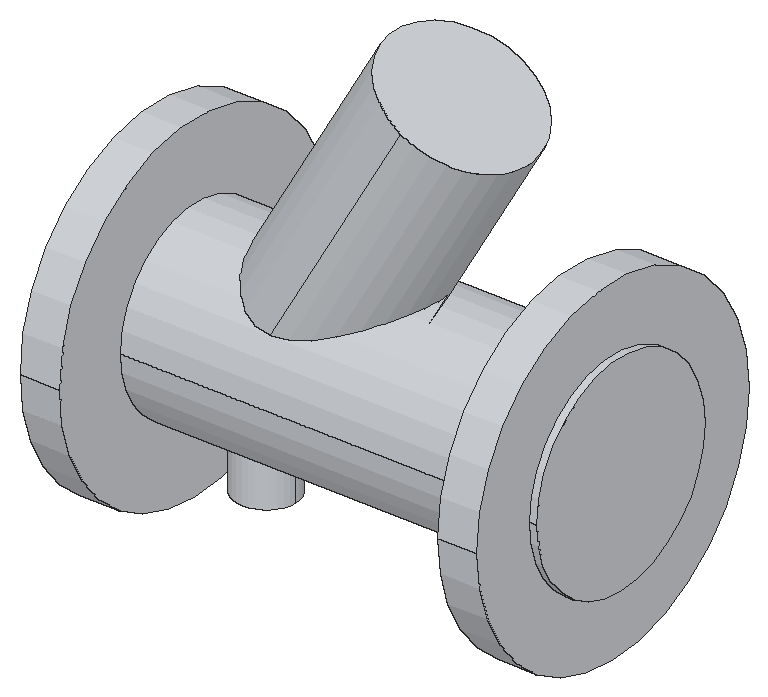
Revit family "HS 821-síto_jemné-PN40-DN050-RFA_2019", category Pipe Accessories, Revit 2019
Family settings
  Round Connector Dimension = Use Diameter
  Part Type = Breaks Into
  Work Plane-Based = No
  Always vertical = Yes
  Cut with Voids When Loaded = No
  Shared = No
Parameters (values of type "821F-DN050-PN40-síto_jemné")
  magiProductId = "c451f97266fe48da8f879cb6a2bd44"
  magiProductFamilyId = "79214ac3aaa945e397802f559f5c1e"
  magiPartTypeId = 307
  isMeasuringValve [instance] = no
  ang2D [instance] = 0.00°
  ZB__ve = -ZB  # -26.75 mm
  ZB1 = 41.31 mm
  ZB = 26.75 mm
  X2 = 79.061 mm
  X1 = 32.2 mm
  W2D = 15 mm
  VersionID = "2.0/2017.9.26.1/ZETKAMA_821_001"
  Use Minimum Symbol Size [instance] = yes
  URL = "www.hydronic.cz"
  Type Comments = "Filtr přírubový; síto jemné; A-PN16 (-10~300°C); D-PN25 (-10~350°C); F-PN40 (-10~400°C)"
  S = 102 mm
  QmdConnectorList = "301;D;302;D"
  Productdata [instance] = ""
  Manufacturer = "Hydronic Systems Prague s.r.o."
  MC Product Code = "250 650 (821F; DN050; PN40; kvs53,7; oko síta 0,63mm)"
  LM1 = 18.4 mm
  LM = 184 mm
  L4 = 57.5 mm
  L2D_Min = 3048 mm
  L2D = 130 mm
  L2 = 115 mm
  HH2 = 136.938 mm
  FD = 165 mm
  Description = "Filtr přírubový; síto jemné; 821A-PN16; 821D-PN25; 821F-PN40"
  DM1 = 73.8 mm
  DM = 91.8 mm
  D = 50 mm
  CC = 3.91 mm
  CAT0 = yes
  C1 = 19.09 mm
  C = 23 mm
  BD = 28.917 mm
Types (40, lengths in mm): name | magiProductId | ZB__ve | ZB1 | ZB | X2 | X1 | S | MC Product Code | LM1 | LM | L4 | L2 | HH2 | FD | DM1 | DM | D | CC | C1 | C | BD
  821A-DN015-PN16-síto_jemné | "a71bcfe8b393460598b23e8ddf7dc5" | -16.25 | 18.63 | 16.25 | 46.982 | 18.2 | 46 | "210 115 (821A; DN015; PN16; kvs6,2; oko síta 0,63mm)" | 10.4 | 104 | 32.5 | 65 | 81.375 | 95 | 27.6 | 41.4 | 15 | 2.21 | 10.79 | 13 | 13.041
  821A-DN020-PN16-síto_jemné | "41cd6c7a12924f4991217528336076" | -17.75 | 22.68 | 17.75 | 51.673 | 21 | 56 | "210 120 (821A; DN020; PN16; kvs9,6; oko síta 0,63mm)" | 12 | 120 | 37.5 | 75 | 89.5 | 105 | 33.6 | 50.4 | 20 | 2.55 | 12.45 | 15 | 15.876
  821A-DN025-PN16-síto_jemné | "be378b463ed14c3abf4c9b3ae8cf3a" | -19.25 | 26.325 | 19.25 | 58.601 | 22.4 | 65 | "210 125 (821A; DN025; PN16; kvs14,2; oko síta 0,63mm)" | 12.8 | 128 | 40 | 80 | 101.5 | 115 | 43.2 | 58.5 | 25 | 2.72 | 13.28 | 16 | 18.427
  821A-DN032-PN16-síto_jemné | "227a0d18b21540afabe8b6067d35fa" | -23 | 30.78 | 23 | 68.849 | 25.2 | 76 | "210 132 (821A; DN032; PN16; kvs23,1; oko síta 0,63mm)" | 14.4 | 144 | 45 | 90 | 119.25 | 140 | 50.4 | 68.4 | 32 | 3.06 | 14.94 | 18 | 21.546
  821A-DN040-PN16-síto_jemné | "d106917c74724141a10440112d0102" | -24.5 | 34.02 | 24.5 | 75.777 | 28 | 84 | "210 140 (821A; DN040; PN16; kvs36,6; oko síta 0,63mm)" | 16 | 160 | 50 | 100 | 131.25 | 150 | 60 | 75.6 | 40 | 3.4 | 16.6 | 20 | 23.814
  821A-DN050-PN16-síto_jemné | "8255d456a09e4f6486734f5dd9171b" | -26.75 | 40.095 | 26.75 | 79.061 | 32.2 | 99 | "210 150 (821A; DN050 PN16; kvs53,7; oko síta 0,63mm)" | 18.4 | 184 | 57.5 | 115 | 136.938 | 165 | 73.8 | 89.1 | 50 | 3.91 | 19.09 | 23 | 28.066
  821A-DN065-PN16-síto_jemné | "235b1b3e4c0843779a4d5e3716d40a" | -29.75 | 47.79 | 29.75 | 86.927 | 40.6 | 118 | "210 165 (821A; DN065; PN16; kvs95,1; oko síta 0,63mm)" | 23.2 | 232 | 72.5 | 145 | 150.562 | 185 | 94.2 | 106.2 | 65 | 4.93 | 24.07 | 29 | 33.453
  821A-DN080-PN16-síto_jemné | "a067f7c5236348ed8c820d16df7214" | -32 | 53.46 | 32 | 104.753 | 43.4 | 132 | "210 180 (821A; DN080; PN16; kvs137,1; oko síta 0,63mm)" | 24.8 | 248 | 77.5 | 155 | 181.438 | 200 | 107.4 | 118.8 | 80 | 5.27 | 25.73 | 31 | 37.422
  821A-DN100-PN16-síto_jemné | "c49a648c2747461285837d643703cd" | -35 | 63.18 | 35 | 114.857 | 49 | 156 | "210 190 (821A; DN100; PN16; kvs206,4; oko síta 0,63mm)" | 28 | 280 | 87.5 | 175 | 198.937 | 220 | 131.4 | 140.4 | 100 | 5.95 | 29.05 | 35 | 44.226
  821A-DN125-PN16-síto_jemné | "bf68e728a163493cbd2a663b26ebdc" | -39.5 | 74.52 | 39.5 | 131.888 | 56 | 184 | "210 191 (821A; DN125; PN16; kvs268,8; oko síta 0,63mm)" | 32 | 320 | 100 | 200 | 228.438 | 250 | 165 | 165.6 | 125 | 6.8 | 33.2 | 40 | 52.164
  821A-DN150-PN16-síto_jemné | "2de770284b654863ae6bc865769dc5" | -44.75 | 85.455 | 44.75 | 155.885 | 67.2 | 211 | "210 192 (821A; DN150; PN16; kvs401,4; oko síta 0,63mm)" | 38.4 | 384 | 120 | 240 | 270 | 285 | 192 | 189.9 | 150 | 8.16 | 39.84 | 48 | 59.818
  821A-DN200-PN16-síto_jemné | "8e5693371ab64aabb29a7f08c76e15" | -53 | 107.73 | 53 | 188.361 | 84 | 266 | "210 193 (821A; DN200; PN16; kvs706,7; oko síta 0,63mm)" | 48 | 480 | 150 | 300 | 326.25 | 340 | 252 | 239.4 | 200 | 10.2 | 49.8 | 60 | 75.411
  821A-DN250-PN16-síto_jemné | "05e37ed948c34047acdd4c42556504" | -62.75 | 129.195 | 62.75 | 255.911 | 102.2 | 319 | "210 194 (821A; DN250; PN16; kvs1229,4; oko síta 0,63mm)" | 58.4 | 584 | 182.5 | 365 | 443.25 | 405 | 309.6 | 287.1 | 250 | 12.41 | 60.59 | 73 | 90.436
  821A-DN300-PN16-síto_jemné | "9ad0af747269428da925480d83ce80" | -71 | 149.85 | 71 | 325.914 | 119 | 370 | "210 195 (821A; DN300; PN16; kvs1902,4; oko síta 0,63mm)" | 68 | 680 | 212.5 | 425 | 564.5 | 460 | 369.6 | 333 | 300 | 14.45 | 70.55 | 85 | 104.895
  821A-DN350-PN16-síto_jemné | "eebc71459bb3451bb4355e7951370a" | -80 | 173.745 | 80 | 356.875 | 137.2 | 429 | "200 196 (821A; DN350; PN16; kvs2611,0; oko síta 0,63mm)" | 78.4 | 784 | 245 | 490 | 618.125 | 520 | 438 | 386.1 | 350 | 16.66 | 81.34 | 98 | 121.621
  821A-DN400-PN16-síto_jemné | "d2f677cb196647e385b2590e7d8abe" | -89 | 194.4 | 89 | 392.237 | 154 | 480 | "210 197 (821A; DN400; PN16; kvs3438,4; oko síta 0,63mm)" | 88 | 880 | 275 | 550 | 679.375 | 580 | 498 | 432 | 400 | 18.7 | 91.3 | 110 | 136.08
  821D-DN015-PN25-síto_jemné | "27ddcbf555414f8ca1fde329bf9087" | -16.25 | 18.63 | 16.25 | 46.982 | 18.2 | 46 | "210 215 (821D; DN015; PN25; kvs6,2; oko síta 0,63mm)" | 10.4 | 104 | 32.5 | 65 | 81.375 | 95 | 27.6 | 41.4 | 15 | 2.21 | 10.79 | 13 | 13.041
  821D-DN020-PN25-síto_jemné | "270e0f14012f47189cd0235c18faee" | -17.75 | 22.68 | 17.75 | 51.673 | 21 | 56 | "210 220 (821D; DN020; PN25; kvs9,6; oko síta 0,63mm)" | 12 | 120 | 37.5 | 75 | 89.5 | 105 | 33.6 | 50.4 | 20 | 2.55 | 12.45 | 15 | 15.876
  821D-DN025-PN25-síto_jemné | "b9a7fb4aa36643878c637d8e1ab992" | -19.25 | 26.325 | 19.25 | 58.601 | 22.4 | 65 | "210 225 (821D; DN025; PN25; kvs14,2; oko síta 0,63mm)" | 12.8 | 128 | 40 | 80 | 101.5 | 115 | 43.2 | 58.5 | 25 | 2.72 | 13.28 | 16 | 18.427
  821D-DN032-PN25-síto_jemné | "6be9a55c4e68400f94eec7e804204c" | -23 | 30.78 | 23 | 68.849 | 25.2 | 76 | "210 232 (821D; DN032; PN25; kvs23,1; oko síta 0,63mm)" | 14.4 | 144 | 45 | 90 | 119.25 | 140 | 50.4 | 68.4 | 32 | 3.06 | 14.94 | 18 | 21.546
  821D-DN040-PN25-síto_jemné | "c54511bd7f584ec2984291479612cb" | -24.5 | 34.02 | 24.5 | 75.777 | 28 | 84 | "210 240 (821D; DN040; PN25; kvs36,6; oko síta 0,63mm)" | 16 | 160 | 50 | 100 | 131.25 | 150 | 60 | 75.6 | 40 | 3.4 | 16.6 | 20 | 23.814
  821D-DN050-PN25-síto_jemné | "5483b1f596b04cd39b23a14a22c90e" | -26.75 | 40.095 | 26.75 | 79.061 | 32.2 | 99 | "210 250 (821D; DN050; PN25; kvs53,7; oko síta 0,63mm)" | 18.4 | 184 | 57.5 | 115 | 136.938 | 165 | 73.8 | 89.1 | 50 | 3.91 | 19.09 | 23 | 28.066
  821D-DN065-PN25-síto_jemné | "767b0f8318e94750bc7a9930ed5b30" | -29.75 | 47.79 | 29.75 | 86.927 | 40.6 | 118 | "210 265 (821D; DN065; PN25; kvs95,1; oko síta 0,63mm)" | 23.2 | 232 | 72.5 | 145 | 150.562 | 185 | 94.2 | 106.2 | 65 | 4.93 | 24.07 | 29 | 33.453
  821D-DN080-PN25-síto_jemné | "e21040fa3cc2404b858198f6b73709" | -32 | 53.46 | 32 | 104.753 | 43.4 | 132 | "210 280 (821D; DN080; PN25; kvs137,1; oko síta 0,63mm)" | 24.8 | 248 | 77.5 | 155 | 181.438 | 200 | 107.4 | 118.8 | 80 | 5.27 | 25.73 | 31 | 37.422
  821D-DN100-PN25-síto_jemné | "175ca87a506b40b3bc6b82f12f33cf" | -37.25 | 63.18 | 37.25 | 114.857 | 49 | 156 | "210 290 (821D; DN100; PN25; kvs206,4; oko síta 0,63mm)" | 28 | 280 | 87.5 | 175 | 198.937 | 235 | 131.4 | 140.4 | 100 | 5.95 | 29.05 | 35 | 44.226
  821D-DN125-PN25-síto_jemné | "77cc98d60da24855999a22dff726b2" | -42.5 | 74.52 | 42.5 | 131.888 | 56 | 184 | "210 291 (821D; DN125; PN25; kvs268,8; oko síta 0,63mm)" | 32 | 320 | 100 | 200 | 228.438 | 270 | 165 | 165.6 | 125 | 6.8 | 33.2 | 40 | 52.164
  821D-DN150-PN25-síto_jemné | "9cf8acfcd15547d68e83172d3abcbe" | -47 | 85.455 | 47 | 155.885 | 67.2 | 211 | "210 292 (821D; DN150; PN25; kvs401,4; oko síta 0,63mm)" | 38.4 | 384 | 120 | 240 | 270 | 300 | 192 | 189.9 | 150 | 8.16 | 39.84 | 48 | 59.818
  821D-DN200-PN25-síto_jemné | "16973f3c9ea14389ba8602495a6b64" | -56 | 110.97 | 56 | 188.361 | 84 | 274 | "210 293 (821D; DN200; PN25; kvs706,7; oko síta 0,63mm)" | 48 | 480 | 150 | 300 | 326.25 | 360 | 252 | 246.6 | 200 | 10.2 | 49.8 | 60 | 77.679
  821F-DN015-PN40-síto_jemné | "4c7eaf3c4c0340888b3e684d8a8616" | -16.25 | 18.225 | 16.25 | 46.982 | 18.2 | 45 | "250 615 (821F; DN015; PN40; kvs6,2; oko síta 0,63mm)" | 10.4 | 104 | 32.5 | 65 | 81.375 | 95 | 27.6 | 40.5 | 15 | 2.21 | 10.79 | 13 | 12.757
  821F-DN020-PN40-síto_jemné | "aaac5f1ec96b44d6ba96ac2293d66d" | -17.75 | 23.49 | 17.75 | 51.673 | 21 | 58 | "250 620 (821F; DN020; PN40; kvs9,6; oko síta 0,63mm)" | 12 | 120 | 37.5 | 75 | 89.5 | 105 | 33.6 | 52.2 | 20 | 2.55 | 12.45 | 15 | 16.443
  821F-DN025-PN40-síto_jemné | "504768023968471481789485b54c7e" | -19.25 | 27.54 | 19.25 | 58.601 | 22.4 | 68 | "250 625 (821F; DN025; PN40; kvs14,2; oko síta 0,63mm)" | 12.8 | 128 | 40 | 80 | 101.5 | 115 | 43.2 | 61.2 | 25 | 2.72 | 13.28 | 16 | 19.278
  821F-DN032-PN40-síto_jemné | "165e7f39cf744f329bdf1c400dad12" | -23 | 31.59 | 23 | 68.849 | 25.2 | 78 | "250 632 (821F; DN032; PN40; kvs23,1; oko síta 0,63mm)" | 14.4 | 144 | 45 | 90 | 119.25 | 140 | 50.4 | 70.2 | 32 | 3.06 | 14.94 | 18 | 22.113
  821F-DN040-PN40-síto_jemné | "b8903f952089408fbf3a5a632bab1f" | -24.5 | 35.64 | 24.5 | 75.777 | 28 | 88 | "250 640 (821F; DN040; PN40; kvs36,6; oko síta 0,63mm)" | 16 | 160 | 50 | 100 | 131.25 | 150 | 60 | 79.2 | 40 | 3.4 | 16.6 | 20 | 24.948
  821F-DN050-PN40-síto_jemné | "c451f97266fe48da8f879cb6a2bd44" | -26.75 | 41.31 | 26.75 | 79.061 | 32.2 | 102 | "250 650 (821F; DN050; PN40; kvs53,7; oko síta 0,63mm)" | 18.4 | 184 | 57.5 | 115 | 136.938 | 165 | 73.8 | 91.8 | 50 | 3.91 | 19.09 | 23 | 28.917
  821F-DN065-PN40-síto_jemné | "dc9821e3f9b34e128f6a8c6b34c198" | -29.75 | 49.41 | 29.75 | 86.927 | 40.6 | 122 | "250 665 (821F; DN065; PN40; kvs95,1; oko síta 0,63mm)" | 23.2 | 232 | 72.5 | 145 | 150.562 | 185 | 94.2 | 109.8 | 65 | 4.93 | 24.07 | 29 | 34.587
  821F-DN080-PN40-síto_jemné | "689aa1e260f84cf4994f027a1d86b5" | -32 | 55.89 | 32 | 104.753 | 43.4 | 138 | "250 680 (821F; DN080; PN40; kvs137,1; oko síta 0,63mm)" | 24.8 | 248 | 77.5 | 155 | 181.438 | 200 | 107.4 | 124.2 | 80 | 5.27 | 25.73 | 31 | 39.123
  821F-DN100-PN40-síto_jemné | "8a45d4e8e2ab425f8c432f21d684f3" | -37.25 | 65.61 | 37.25 | 114.857 | 49 | 162 | "250 690 (821F; DN100; PN40; kvs206,4; oko síta 0,63mm)" | 28 | 280 | 87.5 | 175 | 198.937 | 235 | 131.4 | 145.8 | 100 | 5.95 | 29.05 | 35 | 45.927
  821F-DN125-PN40-síto_jemné | "cf073904c006406b8645afa67ea2fc" | -42.5 | 76.14 | 42.5 | 131.888 | 56 | 188 | "250 691 (821F; DN125; PN40; kvs268,8; oko síta 0,63mm)" | 32 | 320 | 100 | 200 | 228.438 | 270 | 165 | 169.2 | 125 | 6.8 | 33.2 | 40 | 53.298
  821F-DN150-PN40-síto_jemné | "0153b9ddabe14992a630484929fdbc" | -47 | 88.29 | 47 | 155.885 | 67.2 | 218 | "250 692 (821F; DN150; PN40; kvs401,4; oko síta 0,63mm)" | 38.4 | 384 | 120 | 240 | 270 | 300 | 192 | 196.2 | 150 | 8.16 | 39.84 | 48 | 61.803
  821F-DN200-PN40-síto_jemné | "7fb3fc01dd8d42428c203e3f8dd4d5" | -56 | 115.425 | 56 | 188.361 | 84 | 285 | "250 693 (821F; DN200; PN40; kvs706,7; oko síta 0,63mm)" | 48 | 480 | 150 | 300 | 326.25 | 360 | 252 | 256.5 | 200 | 10.2 | 49.8 | 60 | 80.797
Reference planes
  plane 1 "Center (Front/Back)": y = 0
  plane 2 "XYPLANE": z = 0
  plane 3 "Center (Left/Right)": x = 0
  plane 4 "109": x = -73.6
  plane 5 "108": x = 92
  plane 6 "107": x = -92
  plane 7 "105": x = 115
  plane 8 "104": x = -115
  plane 9 "103": y = 0
  plane 10 "102": z = 0
  plane 11 "101": x = -111.09
  plane 12 "100": x = 111.09
  plane 13 "11": x = -41.4
  plane 14 "10": z = 136.938
  plane 15 "9": x = 37.661
  plane 16 "5": z = -41.31
  plane 17 "4": x = -57.5
  plane 18 "1": x = 57.5
Forms (mm)
  Extrusion 1, solid, visible <- "CAT0"
    sketch origin (-92, -750, 0) x (0, 1, 0) y (0, 0, 1)
      loop
        circle (750, 0) r 45.9
    from 0 to 184 <- "LM"
  Extrusion 2, solid
    sketch origin (-115, -750, 0) x (0, 1, 0) y (0, 0, 1)
      loop
        circle (750, 0) r 51
    from 0 to 3.91 <- "CC"
  Extrusion 3, solid
    sketch origin (-111.09, -750, 0) x (0, 1, 0) y (0, 0, 1)
      loop
        circle (750, 0) r 82.5
    from 0 to 19.09 <- "C1"
  Extrusion 4, solid
    sketch origin (92, -750, 0) x (0, 1, 0) y (0, 0, 1)
      loop
        circle (750, 0) r 82.5
    from 0 to 19.09 <- "C1"
  Extrusion 5, solid
    sketch origin (111.09, -750, 0) x (0, 1, 0) y (0, 0, 1)
      loop
        circle (750, 0) r 51
    from 0 to 3.91 <- "CC"
  Sweep 6, solid, visible <- "CAT0"
    path origin (750, 0, 0) x (-1, 0, 0) y (0, 0, 1)
      loop
        line (842, 0) -> (791.4, 0) -> (712.339, 136.938)
    profile origin (-92, 0, 0) x (0, 0, -1) y (0, 1, 0)
      loop
        circle (0, 0) r 36.9
  Extrusion 7, solid, visible <- "CAT0"
    sketch origin (-750, 0, -41.31) x (1, 0, 0) y (0, 1, 0)
      loop
        circle (692.5, 0) r 14.458
    from 0 to -26.75 <- "ZB__ve"
  Extrusion 8, solid, visible <- "CAT0"
    sketch origin (-750, 0, -41.31) x (1, 0, 0) y (0, 1, 0)
      loop
        circle (807.5, 0) r 14.458
    from 0 to -26.75 <- "ZB__ve"
  Extrusion 9, solid, not visible
    sketch origin (115, -750, 0) x (0, 1, 0) y (0, 0, 1)
      loop
        circle (750, 0) r 10
    from 0 to -10
  Extrusion 10, solid, not visible
    sketch origin (-115, -750, 0) x (0, 1, 0) y (0, 0, 1)
      loop
        circle (750, 0) r 10
    from 0 to 10
Lines and regions (mm)
  reference lines, not visible
    curve 1: circle (2, 2, 0) r 1 normal (0, 0, 1)
Dimensions and locks
  plane 1 "Center (Front/Back)" to curve 1 = 2 mm
  "LM1": plane 6 "107" to plane 4 "109"
  "LM": plane 6 "107" to plane 5 "108"
  "C": plane 8 "104" to plane 6 "107"
  "L2": plane 3 "Center (Left/Right)" to plane 7 "105"
  "L2": plane 3 "Center (Left/Right)" to plane 8 "104"
  locked: plane 1 "Center (Front/Back)" to plane 9 "103"
  locked: plane 2 "XYPLANE" to plane 10 "102"
  "CC": plane 8 "104" to plane 11 "101"
  "C1": plane 5 "108" to plane 12 "100"
  "X1": plane 4 "109" to plane 13 "11"
  "HH2": plane 2 "XYPLANE" to plane 14 "10"
  "X2": plane 13 "11" to plane 15 "9"
  "ZB1": plane 2 "XYPLANE" to plane 16 "5"
  "L4": plane 8 "104" to plane 17 "4"
  "L2": plane 17 "4" to plane 18 "1"
  Sweep 6 sketch curve to Sweep 6 sketch curve = 0 mm  (x2)
  "DM": diameter of Extrusion 1 sketch curve
  "S": diameter of Extrusion 2 sketch curve
  "FD": diameter of Extrusion 3 sketch curve
  "FD": diameter of Extrusion 4 sketch curve
  "S": diameter of Extrusion 5 sketch curve
  "DM1": diameter of Sweep 6 sketch curve
  "BD": diameter of Extrusion 7 sketch curve
  "BD": diameter of Extrusion 8 sketch curve
  aligned and locked: level to plane 2 "XYPLANE"
  aligned and locked: Extrusion 1 sketch curve to plane 9 "103"
  aligned and locked: plane 10 "102" to Extrusion 1 sketch curve
  aligned and locked: Extrusion 2 sketch curve to plane 9 "103"
  aligned and locked: plane 10 "102" to Extrusion 2 sketch curve
  aligned and locked: Extrusion 3 sketch curve to plane 9 "103"
  aligned and locked: plane 10 "102" to Extrusion 3 sketch curve
  aligned and locked: Extrusion 4 sketch curve to plane 9 "103"
  aligned and locked: plane 10 "102" to Extrusion 4 sketch curve
  aligned and locked: Extrusion 5 sketch curve to plane 9 "103"
  aligned and locked: plane 10 "102" to Extrusion 5 sketch curve
  aligned and locked: Sweep 6 sketch curve to plane 9 "103"
  aligned and locked: plane 10 "102" to Sweep 6 sketch curve  (x3)
  aligned and locked: plane 6 "107" to Sweep 6 sketch curve
  aligned and locked: plane 13 "11" to Sweep 6 sketch curve
  aligned and locked: plane 14 "10" to Sweep 6 sketch curve
  aligned and locked: plane 15 "9" to Sweep 6 sketch curve
  aligned and locked: plane 9 "103" to Extrusion 7 sketch curve
  aligned and locked: plane 17 "4" to Extrusion 7 sketch curve
  aligned and locked: plane 9 "103" to Extrusion 8 sketch curve
  aligned and locked: plane 18 "1" to Extrusion 8 sketch curve
  aligned and locked: Extrusion 9 sketch curve to plane 9 "103"
  aligned and locked: plane 10 "102" to Extrusion 9 sketch curve
  aligned and locked: Extrusion 10 sketch curve to plane 9 "103"
  aligned and locked: plane 10 "102" to Extrusion 10 sketch curve
Automatic sketch dimensions
  plane 1 "Center (Front/Back)" to Extrusion 9 sketch curve = 10 mm
  plane 1 "Center (Front/Back)" to Extrusion 10 sketch curve = 10 mm
  plane 3 "Center (Left/Right)" to curve 1 = 2 mm
  radius of curve 1 = 1 mm
Connectors
  piping at (-115, 0, 0), diameter 50, driven by "D"
    settings: on Extrusion 10, index 1, connector inside diameter 609.6 mm, connector length 0 mm, flow factor 0, pipe flow 0.0 L/s, pressure drop 0.0 Pa, fitting loss kfactor 0, connector angle 0.00°, fixture units 0, engagement length 0 mm, angle of deflection 0.00°, flow configuration 0, flow direction 0, fitting loss method 0, system type 29, joint type 0, gender type 0, connector reference index 2, connector utility 0, adjustable connector no, is connector primary yes, connector description ""
  piping at (115, 0, 0), diameter 50, driven by "D"
    settings: on Extrusion 9, index 2, connector inside diameter 609.6 mm, connector length 0 mm, flow factor 0, pipe flow 0.0 L/s, pressure drop 0.0 Pa, fitting loss kfactor 0, connector angle 0.00°, fixture units 0, engagement length 0 mm, angle of deflection 0.00°, flow configuration 0, flow direction 0, fitting loss method 0, system type 29, joint type 0, gender type 0, connector reference index 1, connector utility 0, adjustable connector no, is connector primary no, connector description ""
